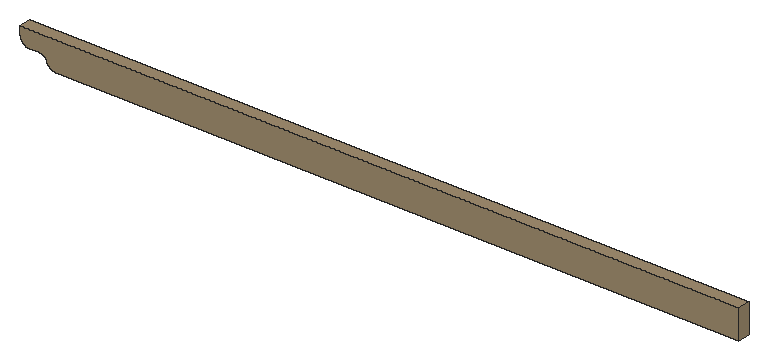
Revit family "Caibro Peito de pombo", category Quadro estrutural, Revit 2015
Parameters (values of type "4 x 10 cm")
  Structural Material [instance] = Madeira
  Largura = 4 cm
  Length [instance] = 300 cm
  Altura = 10 cm
Reference planes (cm)
  plane 1 "Centro (Frente/Trás)": y = 0
  plane 2 "Elevação central": z = 0
  plane 3 "Centro (Esquerda/Direita)": x = 0
  plane 4 "Esquerda": x = -150
  plane 5 "Membro esquerdo": x = -125
  plane 6 "Símbolo esquerdo de verga": x = -100
  plane 7 "Direita": x = 150
  plane 8 "Membro direito": x = 125
  plane 9 "Símbolo direito de verga": x = 100
  plane 10: y = 2
  plane 11: y = -2
Forms (cm)
  Extrusion 1, solid, material "Madeira" <- "Structural Material"
    sketch origin (0, 0, 0) x (1, 0, 0) y (0, 0, 1)
      loop
        line (-125, 5) -> (-125, 2.25)
        arc (-125, 2.25) -> (-124.0481, -0.0481) -> (-121.75, -1) r 3.25
        line (-121.75, -1) -> (-118.649, -1)
        arc (-118.649, -1) -> (-116.7516, -1.6762) -> (-115.7096, -3.4) r 3
        arc (-115.7096, -3.4) -> (-113.9627, -4.8111) -> (-111.7745, -5.3154) r 5
        line (-111.7745, -5.3154) -> (125, -5.3154) -> (125, 5) -> (-125, 5)
    from -2 to 2
Lines and regions (cm)
  model lines, style "Símbolos de vara", detail levels coarse
    curve 1: line (-100, 0, 0) -> (100, 0, 0)
Dimensions and locks (cm)
  equal spacing: plane 4 "Esquerda", plane 3 "Centro (Esquerda/Direita)", plane 7 "Direita"
  "Length": plane 4 "Esquerda" to plane 7 "Direita"
  Extrusion 1 sketch curve to plane 2 "Elevação central" = 5 cm
  equal spacing: plane 10, plane 1 "Centro (Frente/Trás)", plane 11
  "Largura": plane 10 to plane 11
  Extrusion 1 sketch curve to Extrusion 1 sketch curve = 6 cm
  aligned and locked: plane 1 "Centro (Frente/Trás)" to curve 1
  aligned and locked: plane 6 "Símbolo esquerdo de verga" to curve 1
  aligned and locked: plane 9 "Símbolo direito de verga" to curve 1
  aligned and locked: level to plane 2 "Elevação central"
  aligned and locked: Extrusion 1 sketch curve to plane 5 "Membro esquerdo"
  aligned and locked: plane 8 "Membro direito" to Extrusion 1 sketch curve
  aligned and locked: Extrusion 1 to plane 10
  aligned and locked: Extrusion 1 to plane 11
Automatic sketch dimensions
  Extrusion 1 sketch curve to level = 1 cm
  Extrusion 1 sketch curve to plane 5 "Membro esquerdo" = 3.25 cm
  Extrusion 1 sketch curve to Extrusion 1 sketch curve = 3.101 cm
  Extrusion 1 sketch curve to Extrusion 1 sketch curve = 6.8745 cm
  Extrusion 1 sketch curve to level = 0.3154 cm
  Extrusion 1 sketch curve to Extrusion 1 sketch curve = 3 cm
